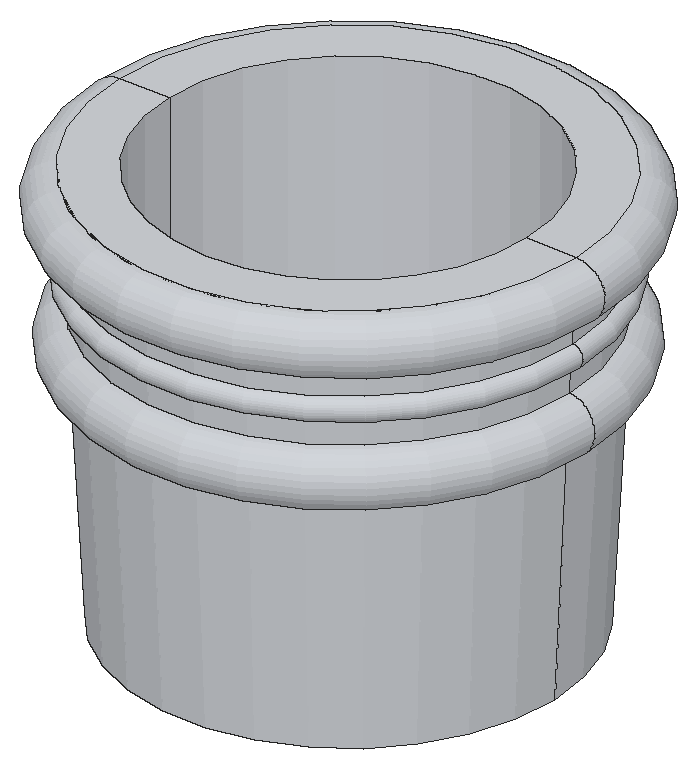
Revit family
Parameters (values of type "SBSP-087.5")
  Width = 5' - 1"
  URL = "www.strombergarchitectural.com"
  Top Material = GFRC
  Submittal Sheet = "www.strombergarchitectural.com/images/materials/gfrc/submittal/gfrc-submittal-sheet.pdf"
  Specifications = "www.strombergarchitectural.com/gfrcspecifications"
  Model Cut-sheet = "www.strombergarchitectural.com/products/bollards/design/SBSP-087"
  Model = "SBSP-087"
  Manufacturer = "Stromberg Architectural Products"
  Guidebook = "www.strombergarchitectural.com/images/materials/gfrc/handbooks/gfrc_guidebook.pdf"
  Frame Material = none
  Description = "GFRC Bollard"
  Assembly Code = ""
  Height = 4' - 0"
  XXX.5 = yes
  XXX.4 = no
  XXX.3 = no
  XXX.2 = no
  XXX.1 = no
Types (6): name | Width | Guidebook | Height | XXX.5 | XXX.4 | XXX.3 | XXX.2 | XXX.1
  (no name) | 5' - 1" | "www.strombergarchitectural.com/images/materials/gfrc/handbooks/gfrc_guidebook.pdf" | 4' - 0" | yes | no | no | no | no
  SBSP-087.3 | 3' - 10" | "www.strombergarchitectural.com/images/materials/gfrc/handbooks/gfrc_guidebook.pdf" | 3' - 0" | no | no | yes | no | no
  SBSP-087.1 | 2' - 6" | "www.strombergarchitectural.com/images/materials/gfrc/handbooks/gfrc_guidebook.pdf   \r\n(http://www.strombergarchitectural.com/images/materials/gfrc/handbooks/gfrc_guidebook.pdf" | 2' - 0" | no | no | no | no | yes
  SBSP-087.2 | 3' - 2" | "www.strombergarchitectural.com/images/materials/gfrc/handbooks/gfrc_guidebook.pdf" | 2' - 6" | no | no | no | yes | no
  SBSP-087.4 | 4' - 5" | "www.strombergarchitectural.com/images/materials/gfrc/handbooks/gfrc_guidebook.pdf" | 3' - 6" | no | yes | no | no | no
  SBSP-087.5 | 5' - 1" | "www.strombergarchitectural.com/images/materials/gfrc/handbooks/gfrc_guidebook.pdf" | 4' - 0" | yes | no | no | no | no
Reference planes (in)
  plane 1 "Center (Front/Back)": y = 3.74847
  plane 2: z = 0
  plane 3 "Center (Left/Right)": x = 0.7278
  plane 4 "Left": x = -17.2722
  plane 5 "Right": x = 18.7278
Forms (in)
  Revolve 1, solid, visible <- "XXX.1"
    sketch origin (0, 3.74847, 0) x (1, 0, 0) y (0, 0, 1)
      loop
        line (-9.5222, 24) -> (-12.62637, 24)
        arc (-12.62637, 24) -> (-14.29487, 22.23549) -> (-12.44118, 20.66667) r 1.67177
        line (-12.44118, 20.66667) -> (-12.36688, 19.32923)
        arc (-12.36688, 19.32923) -> (-12.95867, 18.62969) -> (-12.29303, 18) r 0.66667
        line (-12.29303, 18) -> (-12.21839, 16.65641)
        arc (-12.21839, 16.65641) -> (-13.69787, 14.90755) -> (-12.03377, 13.33333) r 1.66667
        line (-12.03377, 13.33333) -> (-11.29303, 0) -> (0.7278, 0) -> (0.7278, 1.25) -> (-9.5222, 1.25) -> (-9.5222, 24)
      axis (0.7278, 0) -> (0.7278, 24)
    angle from 0 to 360
  Revolve 2, solid, visible <- "XXX.2"
    sketch origin (0, 3.74847, 0) x (1, 0, 0) y (0, 0, 1)
      loop
        line (-12.0222, 30) -> (-16.16803, 30)
        arc (-16.16803, 30) -> (-18.25311, 27.7944) -> (-15.93655, 25.83333) r 2.08969
        line (-15.93655, 25.83333) -> (-15.84367, 24.16154)
        arc (-15.84367, 24.16154) -> (-16.58342, 23.28711) -> (-15.75137, 22.5) r 0.83333
        line (-15.75137, 22.5) -> (-15.65806, 20.82051)
        arc (-15.65806, 20.82051) -> (-17.50742, 18.63444) -> (-15.42729, 16.66667) r 2.08333
        line (-15.42729, 16.66667) -> (-14.50137, 0) -> (0.7278, 0) -> (0.7278, 2) -> (-12.0222, 2) -> (-12.0222, 30)
      axis (0.7278, 0) -> (0.7278, 30)
    angle from 0 to 360
  Revolve 3, solid, visible <- "XXX.3"
    sketch origin (0, 3.74847, 0) x (1, 0, 0) y (0, 0, 1)
      loop
        line (-15.7722, 36) -> (-19.7722, 36)
        arc (-19.7722, 36) -> (-22.27434, 33.35328) -> (-19.49442, 31) r 2.50763
        line (-19.49442, 31) -> (-19.38297, 28.99385)
        arc (-19.38297, 28.99385) -> (-20.27066, 27.94453) -> (-19.2722, 27) r 1
        line (-19.2722, 27) -> (-19.16023, 24.98462)
        arc (-19.16023, 24.98462) -> (-21.37946, 22.36132) -> (-18.88331, 20) r 2.5
        line (-18.88331, 20) -> (-17.7722, 0) -> (0.7278, 0) -> (0.7278, 2.5) -> (-15.7722, 2.5) -> (-15.7722, 36)
      axis (0.7278, 0) -> (0.7278, 36)
    angle from 0 to 360
  Revolve 4, solid, visible <- "XXX.4"
    sketch origin (0, 3.74847, 0) x (1, 0, 0) y (0, 0, 1)
      loop
        line (-18.2722, 42) -> (-22.87637, 42)
        arc (-22.87637, 42) -> (-25.79394, 38.91224) -> (-22.55229, 36.16667) r 2.92548
        line (-22.55229, 36.16667) -> (-22.42226, 33.82615)
        arc (-22.42226, 33.82615) -> (-23.4579, 32.60195) -> (-22.29303, 31.5) r 1.16667
        line (-22.29303, 31.5) -> (-22.16241, 29.14872)
        arc (-22.16241, 29.14872) -> (-24.75151, 26.08821) -> (-21.83933, 23.33333) r 2.91667
        line (-21.83933, 23.33333) -> (-20.54303, 0) -> (0.7278, 0) -> (0.7278, 2.36211) -> (-17.2722, 2.36211) -> (-18.2722, 42)
      axis (0.7278, 42) -> (0.7278, 0)
    angle from 0 to 360
  Revolve 5, solid, visible <- "XXX.5"
    sketch origin (0, 3.74847, 0) x (1, 0, 0) y (0, 0, 1)
      loop
        line (-20.5222, 48) -> (-26.41803, 48)
        arc (-26.41803, 48) -> (-29.75379, 44.47106) -> (-26.04766, 41.33333) r 3.34348
        line (-26.04766, 41.33333) -> (-25.89906, 38.65846)
        arc (-25.89906, 38.65846) -> (-27.08265, 37.25937) -> (-25.75137, 36) r 1.33333
        line (-25.75137, 36) -> (-25.60208, 33.31282)
        arc (-25.60208, 33.31282) -> (-28.56105, 29.8151) -> (-25.23285, 26.66667) r 3.33333
        line (-25.23285, 26.66667) -> (-23.75137, 0) -> (0.7278, 0) -> (0.7278, 3) -> (-20.5222, 3) -> (-20.5222, 48)
      axis (0.7278, 0) -> (0.7278, 48)
    angle from 0 to 360
Dimensions and locks (in)
  aligned and locked: level to plane 2
